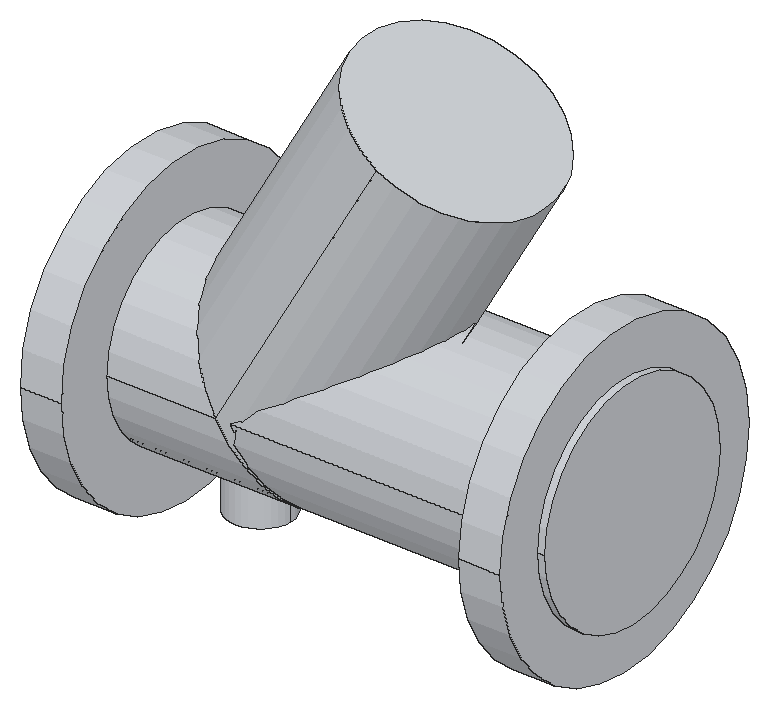
Revit family "HS 821-síto_jemné-PN25-DN150-RFA_2019", category Pipe Accessories, Revit 2019
Family settings
  Round Connector Dimension = Use Diameter
  Part Type = Breaks Into
  Work Plane-Based = No
  Always vertical = Yes
  Cut with Voids When Loaded = No
  Shared = No
Parameters (values of type "821D-DN150-PN25-síto_jemné")
  magiProductId = "9cf8acfcd15547d68e83172d3abcbe"
  magiProductFamilyId = "79214ac3aaa945e397802f559f5c1e"
  magiPartTypeId = 307
  isMeasuringValve [instance] = no
  ang2D [instance] = 0.00°
  ZB__ve = -ZB  # -47 mm
  ZB1 = 85.455 mm
  ZB = 47 mm
  X2 = 155.885 mm
  X1 = 67.2 mm
  W2D = 15 mm
  VersionID = "2.0/2017.9.26.1/ZETKAMA_821_001"
  Use Minimum Symbol Size [instance] = yes
  URL = "www.hydronic.cz"
  Type Comments = "Filtr přírubový; síto jemné; A-PN16 (-10~300°C); D-PN25 (-10~350°C); F-PN40 (-10~400°C)"
  S = 211 mm
  QmdConnectorList = "301;D;302;D"
  Productdata [instance] = ""
  Manufacturer = "Hydronic Systems Prague s.r.o."
  MC Product Code = "210 292 (821D; DN150; PN25; kvs401,4; oko síta 0,63mm)"
  LM1 = 38.4 mm
  LM = 384 mm
  L4 = 120 mm
  L2D_Min = 3048 mm
  L2D = 130 mm
  L2 = 240 mm
  HH2 = 270 mm
  FD = 300 mm
  Description = "Filtr přírubový; síto jemné; 821A-PN16; 821D-PN25; 821F-PN40"
  DM1 = 192 mm
  DM = 189.9 mm
  D = 150 mm
  CC = 8.16 mm
  CAT0 = yes
  C1 = 39.84 mm
  C = 48 mm
  BD = 59.818 mm
Types (40, lengths in mm): name | magiProductId | ZB__ve | ZB1 | ZB | X2 | X1 | S | MC Product Code | LM1 | LM | L4 | L2 | HH2 | FD | DM1 | DM | D | CC | C1 | C | BD
  821A-DN015-PN16-síto_jemné | "a71bcfe8b393460598b23e8ddf7dc5" | -16.25 | 18.63 | 16.25 | 46.982 | 18.2 | 46 | "210 115 (821A; DN015; PN16; kvs6,2; oko síta 0,63mm)" | 10.4 | 104 | 32.5 | 65 | 81.375 | 95 | 27.6 | 41.4 | 15 | 2.21 | 10.79 | 13 | 13.041
  821A-DN020-PN16-síto_jemné | "41cd6c7a12924f4991217528336076" | -17.75 | 22.68 | 17.75 | 51.673 | 21 | 56 | "210 120 (821A; DN020; PN16; kvs9,6; oko síta 0,63mm)" | 12 | 120 | 37.5 | 75 | 89.5 | 105 | 33.6 | 50.4 | 20 | 2.55 | 12.45 | 15 | 15.876
  821A-DN025-PN16-síto_jemné | "be378b463ed14c3abf4c9b3ae8cf3a" | -19.25 | 26.325 | 19.25 | 58.601 | 22.4 | 65 | "210 125 (821A; DN025; PN16; kvs14,2; oko síta 0,63mm)" | 12.8 | 128 | 40 | 80 | 101.5 | 115 | 43.2 | 58.5 | 25 | 2.72 | 13.28 | 16 | 18.427
  821A-DN032-PN16-síto_jemné | "227a0d18b21540afabe8b6067d35fa" | -23 | 30.78 | 23 | 68.849 | 25.2 | 76 | "210 132 (821A; DN032; PN16; kvs23,1; oko síta 0,63mm)" | 14.4 | 144 | 45 | 90 | 119.25 | 140 | 50.4 | 68.4 | 32 | 3.06 | 14.94 | 18 | 21.546
  821A-DN040-PN16-síto_jemné | "d106917c74724141a10440112d0102" | -24.5 | 34.02 | 24.5 | 75.777 | 28 | 84 | "210 140 (821A; DN040; PN16; kvs36,6; oko síta 0,63mm)" | 16 | 160 | 50 | 100 | 131.25 | 150 | 60 | 75.6 | 40 | 3.4 | 16.6 | 20 | 23.814
  821A-DN050-PN16-síto_jemné | "8255d456a09e4f6486734f5dd9171b" | -26.75 | 40.095 | 26.75 | 79.061 | 32.2 | 99 | "210 150 (821A; DN050 PN16; kvs53,7; oko síta 0,63mm)" | 18.4 | 184 | 57.5 | 115 | 136.938 | 165 | 73.8 | 89.1 | 50 | 3.91 | 19.09 | 23 | 28.066
  821A-DN065-PN16-síto_jemné | "235b1b3e4c0843779a4d5e3716d40a" | -29.75 | 47.79 | 29.75 | 86.927 | 40.6 | 118 | "210 165 (821A; DN065; PN16; kvs95,1; oko síta 0,63mm)" | 23.2 | 232 | 72.5 | 145 | 150.562 | 185 | 94.2 | 106.2 | 65 | 4.93 | 24.07 | 29 | 33.453
  821A-DN080-PN16-síto_jemné | "a067f7c5236348ed8c820d16df7214" | -32 | 53.46 | 32 | 104.753 | 43.4 | 132 | "210 180 (821A; DN080; PN16; kvs137,1; oko síta 0,63mm)" | 24.8 | 248 | 77.5 | 155 | 181.438 | 200 | 107.4 | 118.8 | 80 | 5.27 | 25.73 | 31 | 37.422
  821A-DN100-PN16-síto_jemné | "c49a648c2747461285837d643703cd" | -35 | 63.18 | 35 | 114.857 | 49 | 156 | "210 190 (821A; DN100; PN16; kvs206,4; oko síta 0,63mm)" | 28 | 280 | 87.5 | 175 | 198.937 | 220 | 131.4 | 140.4 | 100 | 5.95 | 29.05 | 35 | 44.226
  821A-DN125-PN16-síto_jemné | "bf68e728a163493cbd2a663b26ebdc" | -39.5 | 74.52 | 39.5 | 131.888 | 56 | 184 | "210 191 (821A; DN125; PN16; kvs268,8; oko síta 0,63mm)" | 32 | 320 | 100 | 200 | 228.438 | 250 | 165 | 165.6 | 125 | 6.8 | 33.2 | 40 | 52.164
  821A-DN150-PN16-síto_jemné | "2de770284b654863ae6bc865769dc5" | -44.75 | 85.455 | 44.75 | 155.885 | 67.2 | 211 | "210 192 (821A; DN150; PN16; kvs401,4; oko síta 0,63mm)" | 38.4 | 384 | 120 | 240 | 270 | 285 | 192 | 189.9 | 150 | 8.16 | 39.84 | 48 | 59.818
  821A-DN200-PN16-síto_jemné | "8e5693371ab64aabb29a7f08c76e15" | -53 | 107.73 | 53 | 188.361 | 84 | 266 | "210 193 (821A; DN200; PN16; kvs706,7; oko síta 0,63mm)" | 48 | 480 | 150 | 300 | 326.25 | 340 | 252 | 239.4 | 200 | 10.2 | 49.8 | 60 | 75.411
  821A-DN250-PN16-síto_jemné | "05e37ed948c34047acdd4c42556504" | -62.75 | 129.195 | 62.75 | 255.911 | 102.2 | 319 | "210 194 (821A; DN250; PN16; kvs1229,4; oko síta 0,63mm)" | 58.4 | 584 | 182.5 | 365 | 443.25 | 405 | 309.6 | 287.1 | 250 | 12.41 | 60.59 | 73 | 90.436
  821A-DN300-PN16-síto_jemné | "9ad0af747269428da925480d83ce80" | -71 | 149.85 | 71 | 325.914 | 119 | 370 | "210 195 (821A; DN300; PN16; kvs1902,4; oko síta 0,63mm)" | 68 | 680 | 212.5 | 425 | 564.5 | 460 | 369.6 | 333 | 300 | 14.45 | 70.55 | 85 | 104.895
  821A-DN350-PN16-síto_jemné | "eebc71459bb3451bb4355e7951370a" | -80 | 173.745 | 80 | 356.875 | 137.2 | 429 | "200 196 (821A; DN350; PN16; kvs2611,0; oko síta 0,63mm)" | 78.4 | 784 | 245 | 490 | 618.125 | 520 | 438 | 386.1 | 350 | 16.66 | 81.34 | 98 | 121.621
  821A-DN400-PN16-síto_jemné | "d2f677cb196647e385b2590e7d8abe" | -89 | 194.4 | 89 | 392.237 | 154 | 480 | "210 197 (821A; DN400; PN16; kvs3438,4; oko síta 0,63mm)" | 88 | 880 | 275 | 550 | 679.375 | 580 | 498 | 432 | 400 | 18.7 | 91.3 | 110 | 136.08
  821D-DN015-PN25-síto_jemné | "27ddcbf555414f8ca1fde329bf9087" | -16.25 | 18.63 | 16.25 | 46.982 | 18.2 | 46 | "210 215 (821D; DN015; PN25; kvs6,2; oko síta 0,63mm)" | 10.4 | 104 | 32.5 | 65 | 81.375 | 95 | 27.6 | 41.4 | 15 | 2.21 | 10.79 | 13 | 13.041
  821D-DN020-PN25-síto_jemné | "270e0f14012f47189cd0235c18faee" | -17.75 | 22.68 | 17.75 | 51.673 | 21 | 56 | "210 220 (821D; DN020; PN25; kvs9,6; oko síta 0,63mm)" | 12 | 120 | 37.5 | 75 | 89.5 | 105 | 33.6 | 50.4 | 20 | 2.55 | 12.45 | 15 | 15.876
  821D-DN025-PN25-síto_jemné | "b9a7fb4aa36643878c637d8e1ab992" | -19.25 | 26.325 | 19.25 | 58.601 | 22.4 | 65 | "210 225 (821D; DN025; PN25; kvs14,2; oko síta 0,63mm)" | 12.8 | 128 | 40 | 80 | 101.5 | 115 | 43.2 | 58.5 | 25 | 2.72 | 13.28 | 16 | 18.427
  821D-DN032-PN25-síto_jemné | "6be9a55c4e68400f94eec7e804204c" | -23 | 30.78 | 23 | 68.849 | 25.2 | 76 | "210 232 (821D; DN032; PN25; kvs23,1; oko síta 0,63mm)" | 14.4 | 144 | 45 | 90 | 119.25 | 140 | 50.4 | 68.4 | 32 | 3.06 | 14.94 | 18 | 21.546
  821D-DN040-PN25-síto_jemné | "c54511bd7f584ec2984291479612cb" | -24.5 | 34.02 | 24.5 | 75.777 | 28 | 84 | "210 240 (821D; DN040; PN25; kvs36,6; oko síta 0,63mm)" | 16 | 160 | 50 | 100 | 131.25 | 150 | 60 | 75.6 | 40 | 3.4 | 16.6 | 20 | 23.814
  821D-DN050-PN25-síto_jemné | "5483b1f596b04cd39b23a14a22c90e" | -26.75 | 40.095 | 26.75 | 79.061 | 32.2 | 99 | "210 250 (821D; DN050; PN25; kvs53,7; oko síta 0,63mm)" | 18.4 | 184 | 57.5 | 115 | 136.938 | 165 | 73.8 | 89.1 | 50 | 3.91 | 19.09 | 23 | 28.066
  821D-DN065-PN25-síto_jemné | "767b0f8318e94750bc7a9930ed5b30" | -29.75 | 47.79 | 29.75 | 86.927 | 40.6 | 118 | "210 265 (821D; DN065; PN25; kvs95,1; oko síta 0,63mm)" | 23.2 | 232 | 72.5 | 145 | 150.562 | 185 | 94.2 | 106.2 | 65 | 4.93 | 24.07 | 29 | 33.453
  821D-DN080-PN25-síto_jemné | "e21040fa3cc2404b858198f6b73709" | -32 | 53.46 | 32 | 104.753 | 43.4 | 132 | "210 280 (821D; DN080; PN25; kvs137,1; oko síta 0,63mm)" | 24.8 | 248 | 77.5 | 155 | 181.438 | 200 | 107.4 | 118.8 | 80 | 5.27 | 25.73 | 31 | 37.422
  821D-DN100-PN25-síto_jemné | "175ca87a506b40b3bc6b82f12f33cf" | -37.25 | 63.18 | 37.25 | 114.857 | 49 | 156 | "210 290 (821D; DN100; PN25; kvs206,4; oko síta 0,63mm)" | 28 | 280 | 87.5 | 175 | 198.937 | 235 | 131.4 | 140.4 | 100 | 5.95 | 29.05 | 35 | 44.226
  821D-DN125-PN25-síto_jemné | "77cc98d60da24855999a22dff726b2" | -42.5 | 74.52 | 42.5 | 131.888 | 56 | 184 | "210 291 (821D; DN125; PN25; kvs268,8; oko síta 0,63mm)" | 32 | 320 | 100 | 200 | 228.438 | 270 | 165 | 165.6 | 125 | 6.8 | 33.2 | 40 | 52.164
  821D-DN150-PN25-síto_jemné | "9cf8acfcd15547d68e83172d3abcbe" | -47 | 85.455 | 47 | 155.885 | 67.2 | 211 | "210 292 (821D; DN150; PN25; kvs401,4; oko síta 0,63mm)" | 38.4 | 384 | 120 | 240 | 270 | 300 | 192 | 189.9 | 150 | 8.16 | 39.84 | 48 | 59.818
  821D-DN200-PN25-síto_jemné | "16973f3c9ea14389ba8602495a6b64" | -56 | 110.97 | 56 | 188.361 | 84 | 274 | "210 293 (821D; DN200; PN25; kvs706,7; oko síta 0,63mm)" | 48 | 480 | 150 | 300 | 326.25 | 360 | 252 | 246.6 | 200 | 10.2 | 49.8 | 60 | 77.679
  821F-DN015-PN40-síto_jemné | "4c7eaf3c4c0340888b3e684d8a8616" | -16.25 | 18.225 | 16.25 | 46.982 | 18.2 | 45 | "250 615 (821F; DN015; PN40; kvs6,2; oko síta 0,63mm)" | 10.4 | 104 | 32.5 | 65 | 81.375 | 95 | 27.6 | 40.5 | 15 | 2.21 | 10.79 | 13 | 12.757
  821F-DN020-PN40-síto_jemné | "aaac5f1ec96b44d6ba96ac2293d66d" | -17.75 | 23.49 | 17.75 | 51.673 | 21 | 58 | "250 620 (821F; DN020; PN40; kvs9,6; oko síta 0,63mm)" | 12 | 120 | 37.5 | 75 | 89.5 | 105 | 33.6 | 52.2 | 20 | 2.55 | 12.45 | 15 | 16.443
  821F-DN025-PN40-síto_jemné | "504768023968471481789485b54c7e" | -19.25 | 27.54 | 19.25 | 58.601 | 22.4 | 68 | "250 625 (821F; DN025; PN40; kvs14,2; oko síta 0,63mm)" | 12.8 | 128 | 40 | 80 | 101.5 | 115 | 43.2 | 61.2 | 25 | 2.72 | 13.28 | 16 | 19.278
  821F-DN032-PN40-síto_jemné | "165e7f39cf744f329bdf1c400dad12" | -23 | 31.59 | 23 | 68.849 | 25.2 | 78 | "250 632 (821F; DN032; PN40; kvs23,1; oko síta 0,63mm)" | 14.4 | 144 | 45 | 90 | 119.25 | 140 | 50.4 | 70.2 | 32 | 3.06 | 14.94 | 18 | 22.113
  821F-DN040-PN40-síto_jemné | "b8903f952089408fbf3a5a632bab1f" | -24.5 | 35.64 | 24.5 | 75.777 | 28 | 88 | "250 640 (821F; DN040; PN40; kvs36,6; oko síta 0,63mm)" | 16 | 160 | 50 | 100 | 131.25 | 150 | 60 | 79.2 | 40 | 3.4 | 16.6 | 20 | 24.948
  821F-DN050-PN40-síto_jemné | "c451f97266fe48da8f879cb6a2bd44" | -26.75 | 41.31 | 26.75 | 79.061 | 32.2 | 102 | "250 650 (821F; DN050; PN40; kvs53,7; oko síta 0,63mm)" | 18.4 | 184 | 57.5 | 115 | 136.938 | 165 | 73.8 | 91.8 | 50 | 3.91 | 19.09 | 23 | 28.917
  821F-DN065-PN40-síto_jemné | "dc9821e3f9b34e128f6a8c6b34c198" | -29.75 | 49.41 | 29.75 | 86.927 | 40.6 | 122 | "250 665 (821F; DN065; PN40; kvs95,1; oko síta 0,63mm)" | 23.2 | 232 | 72.5 | 145 | 150.562 | 185 | 94.2 | 109.8 | 65 | 4.93 | 24.07 | 29 | 34.587
  821F-DN080-PN40-síto_jemné | "689aa1e260f84cf4994f027a1d86b5" | -32 | 55.89 | 32 | 104.753 | 43.4 | 138 | "250 680 (821F; DN080; PN40; kvs137,1; oko síta 0,63mm)" | 24.8 | 248 | 77.5 | 155 | 181.438 | 200 | 107.4 | 124.2 | 80 | 5.27 | 25.73 | 31 | 39.123
  821F-DN100-PN40-síto_jemné | "8a45d4e8e2ab425f8c432f21d684f3" | -37.25 | 65.61 | 37.25 | 114.857 | 49 | 162 | "250 690 (821F; DN100; PN40; kvs206,4; oko síta 0,63mm)" | 28 | 280 | 87.5 | 175 | 198.937 | 235 | 131.4 | 145.8 | 100 | 5.95 | 29.05 | 35 | 45.927
  821F-DN125-PN40-síto_jemné | "cf073904c006406b8645afa67ea2fc" | -42.5 | 76.14 | 42.5 | 131.888 | 56 | 188 | "250 691 (821F; DN125; PN40; kvs268,8; oko síta 0,63mm)" | 32 | 320 | 100 | 200 | 228.438 | 270 | 165 | 169.2 | 125 | 6.8 | 33.2 | 40 | 53.298
  821F-DN150-PN40-síto_jemné | "0153b9ddabe14992a630484929fdbc" | -47 | 88.29 | 47 | 155.885 | 67.2 | 218 | "250 692 (821F; DN150; PN40; kvs401,4; oko síta 0,63mm)" | 38.4 | 384 | 120 | 240 | 270 | 300 | 192 | 196.2 | 150 | 8.16 | 39.84 | 48 | 61.803
  821F-DN200-PN40-síto_jemné | "7fb3fc01dd8d42428c203e3f8dd4d5" | -56 | 115.425 | 56 | 188.361 | 84 | 285 | "250 693 (821F; DN200; PN40; kvs706,7; oko síta 0,63mm)" | 48 | 480 | 150 | 300 | 326.25 | 360 | 252 | 256.5 | 200 | 10.2 | 49.8 | 60 | 80.797
Reference planes
  plane 1 "Center (Front/Back)": y = 0
  plane 2 "XYPLANE": z = 0
  plane 3 "Center (Left/Right)": x = 0
  plane 4 "109": x = -153.6
  plane 5 "108": x = 192
  plane 6 "107": x = -192
  plane 7 "105": x = 240
  plane 8 "104": x = -240
  plane 9 "103": y = 0
  plane 10 "102": z = 0
  plane 11 "101": x = -231.84
  plane 12 "100": x = 231.84
  plane 13 "11": x = -86.4
  plane 14 "10": z = 270
  plane 15 "9": x = 69.485
  plane 16 "5": z = -85.455
  plane 17 "4": x = -120
  plane 18 "1": x = 120
Forms (mm)
  Extrusion 1, solid, visible <- "CAT0"
    sketch origin (-192, -750, 0) x (0, 1, 0) y (0, 0, 1)
      loop
        circle (750, 0) r 94.95
    from 0 to 384 <- "LM"
  Extrusion 2, solid
    sketch origin (-240, -750, 0) x (0, 1, 0) y (0, 0, 1)
      loop
        circle (750, 0) r 105.5
    from 0 to 8.16 <- "CC"
  Extrusion 3, solid
    sketch origin (-231.84, -750, 0) x (0, 1, 0) y (0, 0, 1)
      loop
        circle (750, 0) r 150
    from 0 to 39.84 <- "C1"
  Extrusion 4, solid
    sketch origin (192, -750, 0) x (0, 1, 0) y (0, 0, 1)
      loop
        circle (750, 0) r 150
    from 0 to 39.84 <- "C1"
  Extrusion 5, solid
    sketch origin (231.84, -750, 0) x (0, 1, 0) y (0, 0, 1)
      loop
        circle (750, 0) r 105.5
    from 0 to 8.16 <- "CC"
  Sweep 6, solid, visible <- "CAT0"
    path origin (750, 0, 0) x (-1, 0, 0) y (0, 0, 1)
      loop
        line (942, 0) -> (836.4, 0) -> (680.515, 270)
    profile origin (-192, 0, 0) x (0, 0, -1) y (0, 1, 0)
      loop
        circle (0, 0) r 96
  Extrusion 7, solid, visible <- "CAT0"
    sketch origin (-750, 0, -85.455) x (1, 0, 0) y (0, 1, 0)
      loop
        circle (630, 0) r 29.909
    from 0 to -47 <- "ZB__ve"
  Extrusion 8, solid, visible <- "CAT0"
    sketch origin (-750, 0, -85.455) x (1, 0, 0) y (0, 1, 0)
      loop
        circle (870, 0) r 29.909
    from 0 to -47 <- "ZB__ve"
  Extrusion 9, solid, not visible
    sketch origin (240, -750, 0) x (0, 1, 0) y (0, 0, 1)
      loop
        circle (750, 0) r 10
    from 0 to -10
  Extrusion 10, solid, not visible
    sketch origin (-240, -750, 0) x (0, 1, 0) y (0, 0, 1)
      loop
        circle (750, 0) r 10
    from 0 to 10
Lines and regions (mm)
  reference lines, not visible
    curve 1: circle (2, 2, 0) r 1 normal (0, 0, 1)
Dimensions and locks
  plane 1 "Center (Front/Back)" to curve 1 = 2 mm
  "LM1": plane 6 "107" to plane 4 "109"
  "LM": plane 6 "107" to plane 5 "108"
  "C": plane 8 "104" to plane 6 "107"
  "L2": plane 3 "Center (Left/Right)" to plane 7 "105"
  "L2": plane 3 "Center (Left/Right)" to plane 8 "104"
  locked: plane 1 "Center (Front/Back)" to plane 9 "103"
  locked: plane 2 "XYPLANE" to plane 10 "102"
  "CC": plane 8 "104" to plane 11 "101"
  "C1": plane 5 "108" to plane 12 "100"
  "X1": plane 4 "109" to plane 13 "11"
  "HH2": plane 2 "XYPLANE" to plane 14 "10"
  "X2": plane 13 "11" to plane 15 "9"
  "ZB1": plane 2 "XYPLANE" to plane 16 "5"
  "L4": plane 8 "104" to plane 17 "4"
  "L2": plane 17 "4" to plane 18 "1"
  Sweep 6 sketch curve to Sweep 6 sketch curve = 0 mm  (x2)
  "DM": diameter of Extrusion 1 sketch curve
  "S": diameter of Extrusion 2 sketch curve
  "FD": diameter of Extrusion 3 sketch curve
  "FD": diameter of Extrusion 4 sketch curve
  "S": diameter of Extrusion 5 sketch curve
  "DM1": diameter of Sweep 6 sketch curve
  "BD": diameter of Extrusion 7 sketch curve
  "BD": diameter of Extrusion 8 sketch curve
  aligned and locked: level to plane 2 "XYPLANE"
  aligned and locked: Extrusion 1 sketch curve to plane 9 "103"
  aligned and locked: plane 10 "102" to Extrusion 1 sketch curve
  aligned and locked: Extrusion 2 sketch curve to plane 9 "103"
  aligned and locked: plane 10 "102" to Extrusion 2 sketch curve
  aligned and locked: Extrusion 3 sketch curve to plane 9 "103"
  aligned and locked: plane 10 "102" to Extrusion 3 sketch curve
  aligned and locked: Extrusion 4 sketch curve to plane 9 "103"
  aligned and locked: plane 10 "102" to Extrusion 4 sketch curve
  aligned and locked: Extrusion 5 sketch curve to plane 9 "103"
  aligned and locked: plane 10 "102" to Extrusion 5 sketch curve
  aligned and locked: Sweep 6 sketch curve to plane 9 "103"
  aligned and locked: plane 10 "102" to Sweep 6 sketch curve  (x3)
  aligned and locked: plane 6 "107" to Sweep 6 sketch curve
  aligned and locked: plane 13 "11" to Sweep 6 sketch curve
  aligned and locked: plane 14 "10" to Sweep 6 sketch curve
  aligned and locked: plane 15 "9" to Sweep 6 sketch curve
  aligned and locked: plane 9 "103" to Extrusion 7 sketch curve
  aligned and locked: plane 17 "4" to Extrusion 7 sketch curve
  aligned and locked: plane 9 "103" to Extrusion 8 sketch curve
  aligned and locked: plane 18 "1" to Extrusion 8 sketch curve
  aligned and locked: Extrusion 9 sketch curve to plane 9 "103"
  aligned and locked: plane 10 "102" to Extrusion 9 sketch curve
  aligned and locked: Extrusion 10 sketch curve to plane 9 "103"
  aligned and locked: plane 10 "102" to Extrusion 10 sketch curve
Automatic sketch dimensions
  plane 1 "Center (Front/Back)" to Extrusion 9 sketch curve = 10 mm
  plane 1 "Center (Front/Back)" to Extrusion 10 sketch curve = 10 mm
  plane 3 "Center (Left/Right)" to curve 1 = 2 mm
  radius of curve 1 = 1 mm
Connectors
  piping at (-240, 0, 0), diameter 150, driven by "D"
    settings: on Extrusion 10, index 1, connector inside diameter 609.6 mm, connector length 0 mm, flow factor 0, pipe flow 0.0 L/s, pressure drop 0.0 Pa, fitting loss kfactor 0, connector angle 0.00°, fixture units 0, engagement length 0 mm, angle of deflection 0.00°, flow configuration 0, flow direction 0, fitting loss method 0, system type 29, joint type 0, gender type 0, connector reference index 2, connector utility 0, adjustable connector no, is connector primary yes, connector description ""
  piping at (240, 0, 0), diameter 150, driven by "D"
    settings: on Extrusion 9, index 2, connector inside diameter 609.6 mm, connector length 0 mm, flow factor 0, pipe flow 0.0 L/s, pressure drop 0.0 Pa, fitting loss kfactor 0, connector angle 0.00°, fixture units 0, engagement length 0 mm, angle of deflection 0.00°, flow configuration 0, flow direction 0, fitting loss method 0, system type 29, joint type 0, gender type 0, connector reference index 1, connector utility 0, adjustable connector no, is connector primary no, connector description ""
